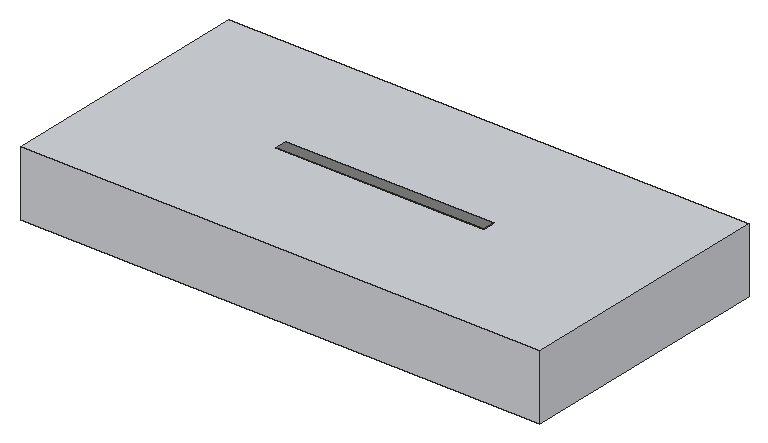
Revit family "電線管用ファミリ(片側のみ)_17", category Electrical Fixtures, Revit 2022
Family settings
  Round Connector Dimension = Use Diameter
  Part Type = Normal
  OmniClass Number = 23.80.00.00
  OmniClass Title = Electric Power and Lighting
  Work Plane-Based = No
  Always vertical = Yes
  Cut with Voids When Loaded = No
  Maintain Annotation Orientation = No
  Shared = No
  Room Calculation Point = No
Parameters
  コネクタ直径 [instance] = 16 mm
  W [instance] = 400 mm
  In W [instance] = 160 mm
  Default Elevation = 0 mm
  D [instance] = 200 mm
Reference planes
  plane 1 "Center (Front/Back)": y = 0
  plane 2: z = 0
  plane 3 "Center (Left/Right)": x = 0
  plane 4: x = -200
  plane 5: x = 200
  plane 6: y = 100
  plane 7: y = -100
  plane 8: z = 50
  plane 9: x = -80
  plane 10: x = 80
Forms (mm)
  Extrusion 1, solid
    sketch origin (0, 0, 0) x (1, 0, 0) y (0, 1, 0)
      loop
        line (-200, 100) -> (-200, -100) -> (200, -100) -> (200, 100) -> (-200, 100)
    from 0 to 50
  Extrusion 2, solid, material "Default"
    sketch origin (0, 0, 0) x (1, 0, 0) y (0, 1, 0)
      loop
        line (-80, 5.034) -> (-80, -4.451) -> (80, -4.451) -> (80, 5.034) -> (-80, 5.034)
    from 0 to 50
Dimensions and locks
  equal spacing: plane 4, plane 3 "Center (Left/Right)", plane 5
  "W": plane 4 to plane 5
  equal spacing: plane 6, plane 1 "Center (Front/Back)", plane 7
  "D": plane 6 to plane 7
  equal spacing: plane 9, plane 3 "Center (Left/Right)", plane 10
  "In W": plane 9 to plane 10
  aligned and locked: level to plane 2
  aligned and locked: plane 8 to Extrusion 1
Automatic sketch dimensions
  Extrusion 1 sketch curve to plane 4 = 0 mm
  Extrusion 1 sketch curve to plane 5 = 0 mm
  Extrusion 1 sketch curve to plane 7 = 0 mm
  Extrusion 1 sketch curve to plane 6 = 0 mm
  Extrusion 2 sketch curve to plane 9 = 0 mm
  Extrusion 2 sketch curve to plane 10 = 0 mm
  plane 1 "Center (Front/Back)" to Extrusion 2 sketch curve = 4.451 mm
  Extrusion 2 sketch curve to plane 1 "Center (Front/Back)" = 5.034 mm
Connectors
  cabletrayconduit at (0, 0, 50), diameter 16
    settings: on Extrusion 1, index 1, connector width 300 mm, connector height 300 mm, connector angle 0.00°, system type 32, placement type 0, profile type 0, connector reference index -1, is primary connector yes, connector utility param no, connector description ""
